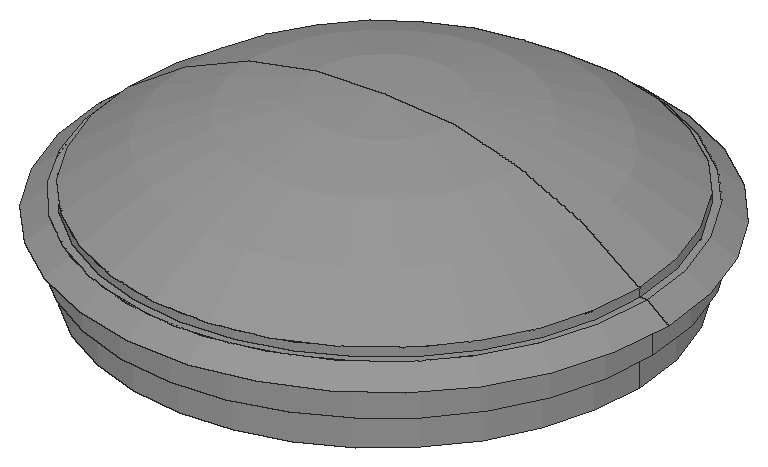
Revit family "3032820 Lighting Fixture_Sylvania_Giotto 335 LED_Recessed Mounted", category Lighting Fixtures, host Face, Revit 2017
Family settings
  Host = Face
  Round Connector Dimension = Use Diameter
  Part Type = Normal
  OmniClass Number = 23.80.70.11.17
  OmniClass Title = Specialized Lighting by Location or Use
  Cut with Voids When Loaded = No
  Light Source = Yes
  Shared = No
  Room Calculation Point = No
Parameters (values of type "Giotto335 rec ww")
  Width = 355.0 mm
  Glow Wire Test = 850 °C  # constant formula
  Energy Class = "A++A+A"  # constant formula
  Cutout Diameter = Width - 20.0 mm  # 335.0 mm
  Weight = 1.44 kg
  Wattage = 17.4088 W
  built-in parameter 1150110 = 1 (stored number, unit not read)
  Voltage Comments = "UNV (Universal Voltage; 220-240 Volt)"  # constant formula
  Voltage = 230 V  # constant formula
  URL = "http://www.sylvania-lighting.com"
  built-in parameter 1114217 = 1 (stored number, unit not read)
  Tilt Angle = -90°
  built-in parameter 1150109 = 1 (stored number, unit not read)
  built-in parameter 1150134 = (empty or 0)
  built-in parameter 1150113 = 1 (stored number, unit not read)
  Product Page URL = "http://www.sylvania-lighting.com/product/en-int/products/3032820"
  Product Family = "GIOTTO LED 335 - RECESSED"  # constant formula
  Photometry Comments = ""
  Photometric Web File = "3032820_GiottoLED33525WRecessedWarmWhiteEB-111755.ies"
  Life = "50 000 h"  # constant formula
  IP Rating = "IP44"  # constant formula
  IK Rating = "IK10"  # constant formula
  Emit from Circle Diameter = Cutout Diameter - 16.0 mm  # 319.0 mm
  Emit Shape Visible in Rendering = no
  Electrical Protection = "CLASS II"  # constant formula
  Drive Current = "700 mA"  # constant formula
  Diffuser Material = Polycarbonate_Sylvania_Giotto_Opal
  Height = 108.0 mm
  built-in parameter 1114216 [instance] = 1 (stored number, unit not read)
  Model = "Giotto335 rec ww"
  Manufacturer = "Feilo Sylvania"
  built-in parameter 1150105 = 420.31 (stored number, unit not read)
  Lumens = 1384 lm
  built-in parameter 1150115 = 1 (stored number, unit not read)
  built-in parameter 1150137 = (empty or 0)
  built-in parameter 1150139 = (empty or 0)
  built-in parameter 1150112 = 1 (stored number, unit not read)
  built-in parameter 1150114 = 1 (stored number, unit not read)
  Lamp Comments = "Integrated LED"  # constant formula
  Lamp = "19 W"
  built-in parameter 1150132 = 2
  built-in parameter 1150102 = (empty or 0)
  built-in parameter 1150107 = 3000 (stored number, unit not read)
  built-in parameter 1150138 = (empty or 0)
  built-in parameter 1150106 = 4.2031 (stored number, unit not read)
  Body Material = Polycarbonate_Sylvania_Giotto_White
  built-in parameter 1150104 = 7.3858 (stored number, unit not read)
  Dimming Lamp Color Temperature Shift = <None>
  Description = "Surface or recessed mount versions available Ideal for general lighting in public areas Microwave presence detection versions 3 hour emergency light versions with integrated gear Up to 1200lm neutral white"  # constant formula
  Default Elevation = 0.0 mm
  Color Filter = 16777215
  Catalog Number = "3032820 Giotto335 rec ww"
  built-in parameter 1140040 [instance] = 1
  built-in parameter 1114218 = 1 (stored number, unit not read)
  built-in parameter 1150133 = 10 (stored number, unit not read)
  Assembly Code = "D5020200"
  Apparent Load Comments = ""
  Apparent Load = 19 VA
Reference planes
  plane 1 "Center (Front/Back)": y = 0
  plane 2: z = 0
  plane 3 "Center (Left/Right)": x = 0
  plane 4 "Fixture Left": x = -167.5
  plane 5 "Fixture Right": x = 167.5
  plane 6 "Fixture Top": z = 67
  plane 7 "Difuser Left": x = -159.5
  plane 8 "Difuser Right": x = 159.5
  plane 9 "Brace Top": z = 0
  plane 10 "Brace Bottom": z = -20
  plane 11: z = -41
  plane 12: x = 177.5
  plane 13: x = -177.5
  plane 14: z = 10
Forms (mm)
  Revolve 1, solid, material "Polycarbonate_Sylvania_Giotto_White" <- "Body Material", detail levels fine
    sketch origin (0, 0, 0) x (1, 0, 0) y (0, 0, 1)
      loop
        line (0, -41) -> (0, 0) -> (-167.5, 0) -> (-167.5, -20) -> (-159.5, -20) -> (-159.5, -41) -> (0, -41)
      axis (0, 0) -> (0, -41)
    angle from 0 to 360
  Revolve 2, solid, material "Polycarbonate_Sylvania_Giotto_Opal" <- "Diffuser Material", detail levels fine
    sketch origin (0, 0, 0) x (1, 0, 0) y (0, 0, 1)
      loop
        line (-159.5, 15) -> (-159.5, 0) -> (0, 0) -> (0, 67)
        arc (0, 67) -> (-84.546, 55.712) -> (-159.5, 15) r 235.082
      axis (0, 67) -> (0, 0)
    angle from 0 to 360
  Revolve 3, solid, material "Polycarbonate_Sylvania_Giotto_White" <- "Body Material", detail levels coarse+medium
    sketch origin (0, 0, 0) x (1, 0, 0) y (0, 0, 1)
      loop
        line (-159.5, 15) -> (-159.5, 10) -> (-164.5, 10) -> (-177.5, 0) -> (-167.5, 0) -> (-167.5, -20) -> (-159.5, -20) -> (-159.5, -41) -> (0, -41) -> (0, 67)
        arc (0, 67) -> (-84.548, 55.717) -> (-159.5, 15) r 235.018
      axis (0, 67) -> (0, -41)
    angle from 0 to 360
  Extrusion 4, void
    sketch origin (0, 0, 59) x (-1, 0, 0) y (0, -1, 0)
      loop
        circle (0, 0) r 167.5
    from -100 to 8
  Revolve 5, solid, material "Polycarbonate_Sylvania_Giotto_White" <- "Body Material", detail levels fine
    sketch origin (0, 0, 0) x (1, 0, 0) y (0, 0, 1)
      loop
        line (-159.5, 10) -> (-164.5, 10) -> (-177.5, 0) -> (-159.5, 0) -> (-159.5, 10)
      axis (0, 10) -> (0, 0)
    angle from 0 to 360
Dimensions and locks
  equal spacing: plane 5 "Fixture Right", plane 3 "Center (Left/Right)", plane 4 "Fixture Left"
  "Cutout Diameter": plane 5 "Fixture Right" to plane 4 "Fixture Left"
  locked: plane 7 "Difuser Left" to plane 4 "Fixture Left" at 8
  locked: plane 5 "Fixture Right" to plane 8 "Difuser Right" at 8
  locked: Revolve 2 sketch curve to plane 9 "Brace Top" at 15
  equal spacing: plane 13, plane 3 "Center (Left/Right)", plane 12
  "Width": plane 12 to plane 13
  locked: plane 9 "Brace Top" to plane 11 at 41
  "Height": plane 6 "Fixture Top" to plane 11
  plane 6 "Fixture Top" to host face = 67.0 mm
  locked: plane 7 "Difuser Left" to Revolve 5 sketch curve at 5
  locked: plane 7 "Difuser Left" to Revolve 3 sketch curve at 5
  locked: Revolve 3 sketch curve to plane 14 at 5
  "Cutout Diameter": diameter of Extrusion 4 sketch curve
  aligned and locked: plane 2 to host face
  aligned and locked: level to host face
  aligned and locked: plane 1 "Center (Front/Back)" to imposter light
  aligned and locked: plane 4 "Fixture Left" to Revolve 1 sketch curve
  aligned and locked: plane 7 "Difuser Left" to Revolve 1 sketch curve
  aligned and locked: plane 10 "Brace Bottom" to Revolve 1 sketch curve
  aligned and locked: Revolve 1 sketch curve to plane 9 "Brace Top"
  aligned and locked: Revolve 1 sketch curve to plane 3 "Center (Left/Right)"  (x2)
  aligned and locked: Revolve 2 sketch curve to plane 7 "Difuser Left"
  aligned and locked: Revolve 2 sketch curve to plane 9 "Brace Top"
  aligned and locked: Revolve 2 sketch curve to plane 3 "Center (Left/Right)"  (x2)
  aligned and locked: plane 6 "Fixture Top" to Revolve 2 sketch curve
  aligned and locked: Revolve 3 sketch curve to plane 7 "Difuser Left"  (x2)
  aligned and locked: Revolve 3 sketch curve to plane 4 "Fixture Left"
  aligned and locked: Revolve 3 sketch curve to plane 10 "Brace Bottom"
  aligned and locked: Revolve 3 sketch curve to plane 3 "Center (Left/Right)"
  aligned and locked: plane 3 "Center (Left/Right)" to imposter light
  aligned and locked: imposter light to plane 6 "Fixture Top"
  aligned and locked: Revolve 3 sketch curve to plane 11
  aligned and locked: plane 11 to Revolve 1 sketch curve
  aligned and locked: imposter light to Extrusion 4
  aligned and locked: Extrusion 4 to Revolve 1
  aligned and locked: plane 7 "Difuser Left" to Revolve 5 sketch curve
  aligned and locked: Revolve 5 sketch curve to plane 9 "Brace Top"
  aligned and locked: Revolve 5 sketch curve to imposter light
  aligned and locked: Revolve 3 sketch curve to plane 2
  aligned and locked: level to plane 9 "Brace Top"
  aligned and locked: Revolve 5 sketch curve to plane 14
  aligned and locked: plane 13 to Revolve 5 sketch curve
  aligned and locked: Revolve 3 sketch curve to plane 14
Automatic sketch dimensions
  host sketch curve to host sketch curve = 1305.563 mm
  host sketch curve to host sketch curve = 1283.632 mm
  Revolve 1 sketch curve to level = 61.8 mm
  Revolve 1 sketch curve to plane 6 "Fixture Top" = 6.8 mm
  Revolve 5 sketch curve to plane 11 = 65.424 mm
  plane 6 "Fixture Top" to Revolve 5 sketch curve = 61.576 mm
  Revolve 2 sketch curve to plane 3 "Center (Left/Right)" = 11.68 mm
  plane 10 "Brace Bottom" to Revolve 2 sketch curve = 9.973 mm
  Revolve 2 sketch curve to Revolve 2 sketch curve = 84.973 mm
  plane 13 to Revolve 3 sketch curve = 0.0 mm
  Revolve 3 sketch curve to plane 3 "Center (Left/Right)" = 0.0 mm
  Revolve 3 sketch curve to plane 6 "Fixture Top" = 0.0 mm
  Revolve 3 sketch curve to plane 3 "Center (Left/Right)" = 11.701 mm
  Revolve 3 sketch curve to plane 11 = 45.065 mm
  Revolve 3 sketch curve to Revolve 3 sketch curve = 81.6 mm
  plane 1 "Center (Front/Back)" to Extrusion 4 sketch curve = 0.0 mm
  Extrusion 4 sketch curve to plane 3 "Center (Left/Right)" = 0.0 mm
Connectors
  electrical at (0, 0, -41), driven by "Voltage", driven by "Apparent Load"
    settings: on Revolve 1, index 1, voltage 230 V, apparent load 0 VA, apparent load phase1 19 VA, apparent load phase2 0 VA, apparent load phase3 0 VA, power factor 1, load classification "Lighting", number of poles 1, system type 31, power factor state 1, is connector primary yes, connector utility no, sub classification motor no, connector description ""
